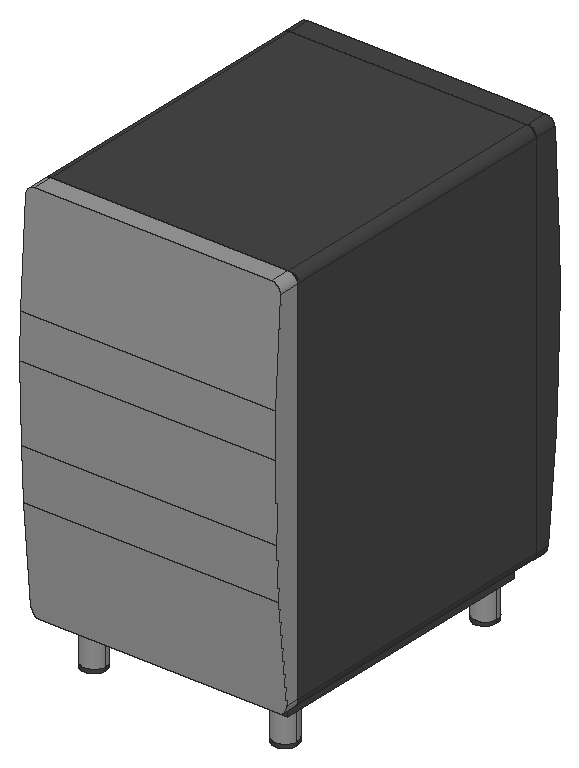
Revit family "Franke_Refrigeration_side_unit_SU12_CM-A1000_FM_CM(USA)", category Specialty Equipment, Revit 2015
Parameters (values of type "Refrigeration side unit SU12 CM-A1000 FM CM(110-127V/anthracite/USA)")
  Volts max. = 127 V
  URL = "https://www.franke.com/main/en/cs/products/product-search.html"
  Depth (mm) = 475 mm
  Temperature range = "+ 3° C to +8° C"
  Volts min. = 110 V
  Max Overcurrent Protection = "-"
  Cycle Alternative = 0 Hz
  Cycle = 60 Hz
  Model = "410874 - Refrigeration side unit SU12 CM - A1000 FM CM"
  Milk storage = "12 l"
  Current consumption = "1.70 A"
  Cost = 0
  Height (mm) = 586 mm
  Manufacturer = "Franke"
  Energy loss acc. to DIN 18873 = "0.783 kWh/24 h - 230 V"
  Width (mm) = 340 mm
  Description = "Refrigeration side unit SU12 for storage of cooled milk"
  Assembly Code = "Refrigeration side unit SU12"
  Keynote = "Refrigeration side unit SU12"
  Weight = "26 kg"
  Number of Poles = 1
  Number of Protective Conductors = "1"
  Number of Nutral Conductors = "1"
  Frontcover [instance] = Franke Anthracite
Types (3, lengths in mm): name | Frontcover
  (no name) | Franke Anthracite
  Refrigeration side unit SU12 CM-A1000 FM CM(110-127V/black line/USA) | Franke Black
  Refrigeration side unit SU12 CM-A1000 FM CM(110-127V/anthracite/USA) | Franke Anthracite
Reference planes
  plane 1 "Mitte (Vorne/Hinten)": y = 0
  plane 2: z = 0
  plane 3 "Mitte (Links/Rechts)": x = 0
Forms (mm)
  Extrusion 1, solid, material "Franke Black"
    sketch origin (0, 0, 0) x (1, 0, 0) y (0, 0, 1)
      loop
        arc (-170, 78) -> (-166.485, 69.515) -> (-158, 66) r 12
        line (-158, 66) -> (158, 66)
        arc (158, 66) -> (166.485, 69.515) -> (170, 78) r 12
        line (170, 78) -> (170, 574)
        arc (170, 574) -> (166.485, 582.485) -> (158, 586) r 12
        line (158, 586) -> (-158, 586)
        arc (-158, 586) -> (-166.485, 582.485) -> (-170, 574) r 12
        line (-170, 574) -> (-170, 78)
    from -198.03 to 198.03
  Extrusion 2, solid, material "Franke Black"
    sketch origin (0, 0, 0) x (0, 1, 0) y (0, 0, 1)
      loop
        line (186.97, 66) -> (-188.03, 66) -> (-188.03, 46) -> (186.97, 46) -> (186.97, 66)
    from -149 to 149
  Extrusion 3, solid, material "Franke Black"
    sketch origin (0, 0, 0) x (1, 0, 0) y (0, 1, 0)
      loop
        line (-139, 119.911) -> (-139, 96.511) -> (-120.3, 96.511) -> (-120.3, 119.911) -> (-139, 119.911)
      loop
        line (120.3, 119.911) -> (120.3, 96.511) -> (139, 96.511) -> (139, 119.911) -> (120.3, 119.911)
      loop
        line (120.3, -95.689) -> (120.3, -119.089) -> (139, -119.089) -> (139, -95.689) -> (120.3, -95.689)
      loop
        line (-139, -95.689) -> (-139, -119.089) -> (-120.3, -119.089) -> (-120.3, -95.689) -> (-139, -95.689)
    from 42 to 46
  Extrusion 4, solid, material "Franke Chrome"
    sketch origin (0, 0, 0) x (1, 0, 0) y (0, 1, 0)
      loop
        circle (-127.5, 166.47) r 16
      loop
        circle (-127.5, -166.13) r 16
      loop
        circle (127.5, 166.47) r 16
      loop
        circle (127.5, -166.13) r 16
    from 5 to 46
  Extrusion 5, solid, material "Franke Black"
    sketch origin (0, 0, -41) x (1, 0, 0) y (0, 1, 0)
      loop
        circle (-127.5, 166.47) r 16
      loop
        circle (-127.5, -166.13) r 16
      loop
        circle (127.5, 166.47) r 16
      loop
        circle (127.5, -166.13) r 16
    from 41 to 46
  Extrusion 6, solid, material "Franke Anthracite" <- "Frontcover"
    sketch origin (0, 0, 0) x (0, 1, 0) y (0, 0, 1)
      loop
        line (-199.53, 586) -> (-226.03, 586)
        arc (-226.03, 586) -> (-230.938, 512.688) -> (-234.804, 439.314) r 5166.525
        arc (-234.804, 439.314) -> (-235.718, 409.388) -> (-235.736, 379.448) r 1000
        arc (-235.736, 379.448) -> (-234.928, 328.403) -> (-233.97, 277.36) r 17389.365
        arc (-233.97, 277.36) -> (-232.66, 242.583) -> (-230.141, 207.872) r 1000
        arc (-230.141, 207.872) -> (-223.415, 136.903) -> (-216.03, 66) r 7668.804
        line (-216.03, 66) -> (-199.53, 66) -> (-199.53, 586)
    from -170 to 170
  Extrusion 7, solid, material "Franke Black"
    sketch origin (0, 0, 0) x (0, 1, 0) y (0, 0, 1)
      loop
        line (228.03, 586) -> (199.53, 586) -> (199.53, 66) -> (216.03, 66)
        arc (216.03, 66) -> (223.625, 137.651) -> (230.787, 209.347) r 11934.303
        arc (230.787, 209.347) -> (233.53, 243.904) -> (235.074, 278.535) r 1000
        arc (235.074, 278.535) -> (236.278, 326.896) -> (237.256, 375.262) r 10374.963
        arc (237.256, 375.262) -> (237.334, 405.934) -> (236.472, 436.595) r 1000
        arc (236.472, 436.595) -> (232.736, 511.325) -> (228.03, 586) r 5764.394
    from -170 to 170
  Extrusion 8, solid, material "Franke Black"
    sketch origin (0, 0, 0) x (1, 0, 0) y (0, 0, 1)
      loop
        line (-120, 576) -> (-120, 66) -> (120, 66) -> (120, 576) -> (-120, 576)
    from 198.03 to 199.53
  Extrusion 9, solid, material "Franke Black"
    sketch origin (0, 397.56, 0) x (1, 0, 0) y (0, 0, 1)
      loop
        line (-120, 576) -> (-120, 66) -> (120, 66) -> (120, 576) -> (-120, 576)
    from 198.03 to 199.53
  Extrusion 10, void
    sketch origin (0, 0, 0) x (1, 0, 0) y (0, 0, 1)
      loop
        line (-158, 586) -> (-158, 596) -> (-180, 596) -> (-180, 574) -> (-170, 574)
        arc (-170, 574) -> (-166.485, 582.485) -> (-158, 586) r 12
      loop
        arc (158, 586) -> (166.485, 582.485) -> (170, 574) r 12
        line (170, 574) -> (180, 574) -> (180, 596) -> (158, 596) -> (158, 586)
      loop
        arc (-158, 66) -> (-166.485, 69.515) -> (-170, 78) r 12
        line (-170, 78) -> (-180, 78) -> (-180, 56) -> (-158, 56) -> (-158, 66)
      loop
        line (158, 66) -> (158, 56) -> (180, 56) -> (180, 78) -> (170, 78)
        arc (170, 78) -> (166.485, 69.515) -> (158, 66) r 12
    from -296.752 to 350.669
  Extrusion 11, void
    sketch origin (0, 0, 0) x (1, 0, 0) y (0, 1, 0)
      loop
        circle (-2, 69.416) r 50
    from 0 to 56
  Extrusion 12, solid, material "Franke Chrome"
    sketch origin (0, 0, 0) x (1, 0, 0) y (0, 1, 0)
      loop
        circle (0, 95.015) r 2.5
    from 46 to 56
Cuts and joins
  Extrusion 11 cuts Extrusion 2
  Extrusion 10 cuts Extrusion 6
  Extrusion 10 cuts Extrusion 7
Dimensions and locks
  aligned and locked: level to plane 2
Connectors
  electrical at (0, 95.015, 46), driven by "Volts min.", driven by "Number of Poles"
    settings: on Extrusion 12, index 1, voltage 110 V, apparent load 0 VA, apparent load phase1 0 VA, apparent load phase2 0 VA, apparent load phase3 0 VA, power factor 1, load classification "Strom", number of poles 1, system type 31, power factor state 1, is connector primary yes, connector utility no, sub classification motor no, connector description ""
